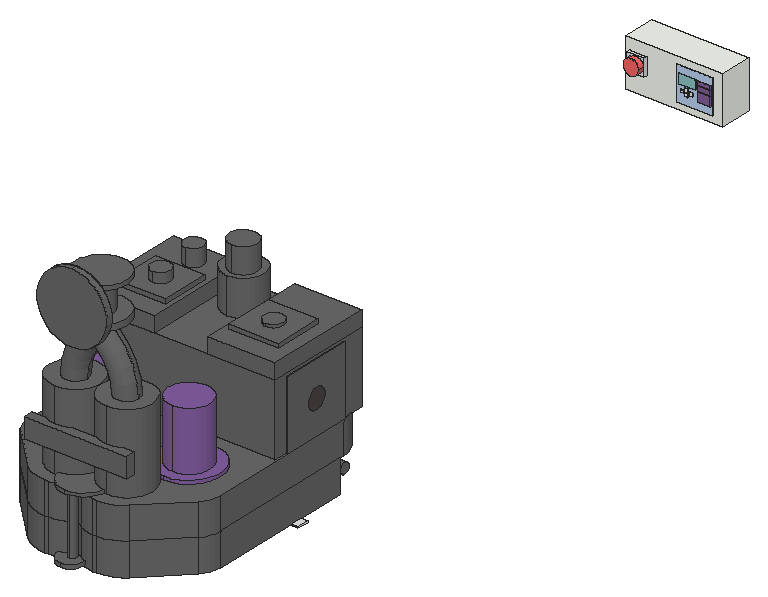
Revit family "11075", category Generic Models, Revit 2021
Family settings
  Can host rebar = No
  Round Connector Dimension = Use Diameter
  Part Type = Normal
  Work Plane-Based = No
  Always vertical = Yes
  Cut with Voids When Loaded = No
  Shared = Yes
  Room Calculation Point = No
Parameters (values of type "11075")
  SUPPLIER = "KESSEL"
  SA700ID49 = "Protection Class I"
  SA700ID48 = "no"
  SA700ID47 = "no"
  SA700ID46 = "yes"
  SA700ID37 = 28000 mm
  SA700ID34 = 60
  SA700ID33 = 5.7 W
  SA700ID32 = 211.06 kg
  SA700ID31 = 1
  SA700ID30 = 2
  SA700ID29 = "GLRD"
  SA700ID21 = 2800
  SA700ID10 = "yes"
  SA700ID08 = 400 V
  PROCUREWEBLINK = "https://p.caden.as/kessel/11075"
  PROCURELINK = "p.caden.as/kessel/11075"
  PROCUREDATALASTUPDATE = "2024-05-22T12:18:04.787702962+01:00"
  PREVIEW = "../../bilder/ksb_w_11075.png"
  PRC_SPECIFICATIONLINK = "https://ausschreiben.de/catalog/kessel/catalogItem/06a299b5-2139-41a8-9739-9925d3baf896"
  NN = "Lifting station Aqualift F XL"
  NBSYN = "$SA810ID03."
  NB = "11075"
  Model = "11075"
  Manufacturer = "KESSEL"
  MIdent = "{$CADENAS_DATA/23d-libs/kessel/kessel_vdi_import/4/entwaesserung/hebeanlage20aqualift20f20xl.prj},201 {STYP=ASS},{VTYP=3D},{NB=11075},{LINA=11075},{NN=Lifting station Aqualift F XL},{DATE=21.11.2022 10:48:11},{GEOMDATE=21.11.2022 10:48:11},{VERSION=},{LINEID=420},{WBVAR=LODLEVEL},{WBNUMERIC=LODLEVEL}  {NB=11075},{LINA=11075},{KT=DUMMY},{PREVIEW=../../bilder/ksb_w_11075.png},{SA700ID04=Hebeanlage Aqualift F XL 200 l, Duo, SPF 5500-S3, Gussschieber },{SA810ID06=04026092057421},{SA700ID34=60.00},{SA010ID03=201805},{SA810ID03=11075},{SA810ID10=Die Hebeanlage für fäkalienhaltiges und fäkalienfreies Abwasser ist mit einer überflutbaren Pumpe sowie einem Rückflussverhinderer ausgestattet. Der Sammelbehälter aus dauerhaft beständigem Kunststoff (PE) bietet universale Anschlussmöglichkeiten und hat eine verschraubte Reinigungsöffnung.Die Steuerung erfolgt durch ein anwenderfreundliches Schaltgerät, das optional über einen potentialfreien Kontakt in die Gebäudeleittechnik eingebunden werden oder Alarm- und Sammelstörmeldungen über eine GSM-Schnittstelle (Comfort Schaltgerät) ausgeben kann.Ausführung:Absperreinrichtung: Schieber aus GussAnlagenart: DoppelanlagePumpensteuerung: SchaltgerätRückflussverhinderer: integriertSchalldämmmatte: jaEinbausituation: freie AufstellungAbwasserart: fäkalienhaltigAllgemeine Merkmale:Farbe: schwarzNorm: EN 12050-1Abmessungen:Länge: 1.109 mmBreite: 760 mmHöhe: 1.027 mmBehälter/Grundkörper:Zulauf Anzahl: 1 STZulauf Nennweite (DN): 100 mmZulauf Nennweite (DA): 110 mmZulauf max. Anbohrung (DN): 200 mmAnschluss für Handmembranpumpe (DN): 32Behältervolumen: 200 lDruckabgang: senkrechtDruckabgang (DA): 90 mmDruckabgang (DN): 80 mmEntlüftungsanschluss (DN): 70 mmNutzvolumen: 120 lFördereinrichtung:Pumpe: SPF 5500Anzahl Pumpen: 2Förderhöhe max.: 28 mFörderleistung max.: 60 m3/hBetriebsart: S3 - 30 %Leistung P1: 5,7 kWLeistung P2: 4,8 kWDrehzahl: 2.800 U/minFörderguttemperatur (dauerhaft) max.: 40 °CAnschlusstyp: DirektanschlussGewicht: 38 kgLaufrad Typ: FreistromradLänge Netzanschlussleitung Pumpe: 5 mNennstrom: 9,1 ASchutzart Pumpe: IP 68 (3m/48h)Schutzklasse: ITyp Anschlussleitung Pumpe: H07RN8-F 6G 1 mm2Temperaturüberwachung: integriertSteuerung:Schaltgerät: ComfortBetriebsspannung: 400 VNetzfrequenz: 50 HzSelbstdiagnosesystem (SDS): jaBatteriepufferung: jaMehrzeilige Displayanzeige: jaLogbuchfunktion: jaGSM-Schnittstelle: jaPotentialfreier Kontakt: jaErforderliche Absicherung (Leitungsschutz): 3 x C 32 AMotorschutz Schalter: jaSchutzart Schaltgerät: IP 54Länge Netzanschlussleitung Schaltgerät: 0 mArt Niveauerfassung: pneumatischInstrument Niveauerfassung: TauchrohrAlarmgeber: Tauchrohr},{SA700ID37=28.00},{SA700ID33=5.70},{SA700ID08=400},{SA700ID30=2},{SA700ID32=211.06},{SA700ID49=Schutzklasse I},{SA700ID50=intern},{SA200ID03=6},{SA250ID03=vertikal},{SA260ID03=Trockenläuferpumpe},{SA350ID03=normalansaugend},{SA400ID03=E-Motor für Drehstrom},{SA460ID03=direkt},{SA500ID03=Kunststoff, Edelstahl},{SA700ID06=80},{SA700ID07=100},{SA700ID09=3/N/PE 400V},{SA700ID10=Ja},{SA700ID11=50},{SA700ID12=IP 68},{SA700ID13=F},{SA700ID15=40},{SA700ID21=2800.00},{SA700ID22=4.80},{SA700ID23=2800},{SA700ID24=2800},{SA700ID26=9.10},{SA700ID27=68.00},{SA700ID28=durchgehend},{SA700ID29=GLRD},{SA700ID31=1},{SA700ID46=ja},{SA700ID47=nein},{SA700ID48=nein},{SA110ID04=Hebeanlage Aqualift F XL},{SA300ID03=einstufig},{SA700ID44=10.00},{SA700ID45=10.00},{SA010ID04=KESSEL AG},{LODLEVEL=200},{LINK=https://www.kessel.de/info?han=11075},{SA970ID01=970},{SA970ID02=7135},{SA970ID03=11075},{SA970ID04=11002617},{SA970ID05=QUAD},{SA970ID06=-410.01},{SA970ID07=-899.99},{SA970ID08=0},{SA970ID09=1},{SA970ID10=0},{SA970ID11=0},{SA970ID12=0},{SA970ID13=1},{SA970ID14=0},{SA970ID15=820.02},{SA970ID16=1030},{SA970ID17=1033.74},{LODLEVEL_=200,'Low'},{LODLEVEL_DEU=200,'Low'},{LINK_=https://www.kessel.de/info?han=11075},{LINK_DEU=https://www.kessel.de/info?han=11075},{LODLEVEL_3DB=11075_200},{DNIN1=100},{DNIN2=70},{DNIN4=10},{DNIN5=10},{DNIN6=50},{DNIN7=50},{DNIN8=50},{DNIN9=50},{DNOUT1=32},{DNOUT2=100},{DNOUT3=70},{ISD1=96},{ISD2=10},{ISDOUT1=40},{ISDOUT2=60},{ISDOUT3=65},{SA010ID01=010},{SA010ID02=4},{SA010ID06=www.kessel.de},{SA010ID07=www.kessel.de},{SA010ID12=20180713},{SA010ID13=DEU},{SA010ID14=DE},{SA100ID01=100},{SA100ID02=4},{SA100ID04=Entwässerung},{SA110ID01=110},{SA110ID02=6},{SA200ID01=200},{SA200ID02=6},{SA250ID01=250},{SA250ID02=2},{SA260ID01=260},{SA260ID02=2},{SA300ID01=300},{SA300ID02=1},{SA350ID01=350},{SA350ID02=1},{SA400ID01=400},{SA400ID02=2},{SA460ID01=460},{SA460ID02=1},{SA500ID01=500},{SA500ID02=1},{SA700ID01=700},{SA700ID02=63},{SA700ID10_=1},{SA700ID16=0},{SA700ID25=0},{SA700ID46_=1},{SA700ID47_=0},{SA700ID48_=0},{SA700ID49_=1},{SA700ID50_=2},{SA800ID01=800},{SA800ID02=27},{SA810ID01=810},{SA810ID02=63},{SA810ID04=11075},{SA810ID07=63},{SA810ID09=1},{SA810ID14=PCE},{SA810ID15=1},{SA810ID16=NMP},{SA960ID03=63},{SA960ID04=3L},{SA960ID08=https://www.kessel.de/info?han=11075},{SA010ID08=4026092000007},{SA100ID05=Hebeanlage},{SA110ID06=Hebeanlage}"
  LINK = "https://www.kessel.de/info?han=11075"
  LINA = "11075"
  Default Elevation = 0 mm
  CREATOR = "CADENAS GmbH"
  CATALOG = "KESSEL"
  BOMINFO = "LINA"
  ARTICLENO = "NB"
  4.810.00.9 Order quantity (multiplicator) = "1"
  4.810.00.7 Media- connection number = "63"
  4.810.00.6 GTIN number = "04026092057421"
  4.810.00.4 DATANORM number = "11075"
  4.810.00.3 Producer order number = "11075"
  4.710.03.7 Mass (net) = 211.06 kg
  4.710.03.6 Height = 1027 mm
  4.710.03.5 Width = 760 mm
  4.710.03.4 Length = 1109 mm
  4.710.03.3 Type of dimensions = "2"
  4.710.02.8 Area of application of wastewater pump = "1"
  4.710.02.7 Art des S2/S3-Betriebs = "30 %"
  4.710.02.6 Duty type = "S3"
  4.710.02.5 Cutting device = "0"
  4.710.02.4 Attached pump control = "1"
  4.710.02.3 Free passage = 40 mm
  4.710.01.6 Option to connect to building automation = "40"
  4.710.01.5 Load regulation = "0"
  4.710.01.4 Designation of closed-loop control = "120"
  4.710.01.3 Identifier for closed-loop control = "200"
  4.700.00.9 Voltage = 0
  4.700.00.8 Nominal connection size on suction side = "100"
  4.700.00.7 Nominal connection size on pressure side = "100"
  4.700.00.6 Type of connection = "80"
  4.700.00.4 Product indentification = "Hebeanlage Aqualift F XL 200 l, Duo, SPF 5500-S3, Gussschieber "
  4.700.00.28 Motor pump shaft = "durchgehend"
  4.700.00.27 Starting current = 68
  4.700.00.26 Maximum power consumption per pump / drive = 9.1
  4.700.00.25 Minimum speed at internal speed adjustment = 0
  4.700.00.24 Nominal speed / maximum speed n = 46.6667
  4.700.00.23 Nominal speed of motor = 46.6667
  4.700.00.22 Maximum shaft output (P2) per pump/drive = 4.8 W
  4.700.00.16 Maximum temperature of pumped medium = 0 °C
  4.700.00.15 Increased safety class = "40 °C"
  4.700.00.13 Type of protection = "F"
  4.700.00.12 Frequency = 0
  4.700.00.11 Stern-/Dreieck-Anlaufschaltung bei Dreiphasenanschluss oder Drehstrom = "50 Hz"
  4.700.00.10 Phase = "1"
  4.500.00.3 Variant / Variant type / Accessories-name = "Kunststoff, Edelstahl"
  4.460.00.3 Variant / Variant type / Accessories-name = "direkt"
  4.400.00.3 Variant / Variant type / Accessories-name = "E-Motor für Drehstrom"
  4.350.00.3 Variant / Variant type / Accessories-name = "normalansaugend"
  4.300.00.3 Variant / Variant type / Accessories-name = "einstufig"
  4.260.00.3 Variant / Variant type / Accessories-name = "Trockenläuferpumpe"
  4.250.00.3 Variant / Variant type / Accessories-name = "vertikal"
  4.200.00.3 Variant / Variant type / Accessories-name = "6"
  4.110.00.6 Product classification = "Hebeanlage"
  4.110.00.4 Product indentification = "Hebeanlage Aqualift F XL"
  4.100.00.5 Main groups of wares = "Hebeanlage"
  4.100.00.4 Product indentification = "Entwässerung"
  4.010.00.8 Producer ID number = "4026092000007"
  4.010.00.7 Comment = "www.kessel.de"
  4.010.00.6 Web address of the manufacturer = "www.kessel.de"
  4.010.00.4 Manufacturer name = "KESSEL AG"
  4.010.00.3 Date of issuance (month) of guideline = "201805"
  4.010.00.2 Sheet number of the guideline = "4"
  4.010.00.14 Kennungen der Projektländer, für die die Datei gültig ist = "DE"
  4.010.00.13 Sprache der Datei = "DEU"
  4.010.00.12 Stand des Herstellerkatalogs = "20180713"
Reference planes
  plane 1 "Center (Front/Back)": y = 0
  plane 2: z = 0
  plane 3 "Center (Left/Right)": x = 0
Forms (mm)
  Extrusion 1, void
    sketch origin (380.5, -115, 392) x (0, -1, 0) y (0, 0, 1)
      loop
        line (-0.5, -0.5) -> (0.5, -0.5) -> (0.5, 0.5) -> (-0.5, 0.5) -> (-0.5, -0.5)
    from 0 to 1
  Extrusion 2, void
    sketch origin (160.15, 130.5, 392) x (1, 0, 0) y (0, 0, 1)
      loop
        line (-0.5, -0.5) -> (0.5, -0.5) -> (0.5, 0.5) -> (-0.5, 0.5) -> (-0.5, -0.5)
    from 0 to 1
  Extrusion 3, void
    sketch origin (-161, 130.5, 392) x (1, 0, 0) y (0, 0, 1)
      loop
        line (-0.5, -0.5) -> (0.5, -0.5) -> (0.5, 0.5) -> (-0.5, 0.5) -> (-0.5, -0.5)
    from 0 to 1
  Extrusion 4, void
    sketch origin (-380.5, -115, 392) x (0, 1, 0) y (0, 0, 1)
      loop
        line (-0.5, -0.5) -> (0.5, -0.5) -> (0.5, 0.5) -> (-0.5, 0.5) -> (-0.5, -0.5)
    from 0 to 1
Dimensions and locks
  locked: plane 2 to Extrusion 1 at 392.5
  locked: plane 2 to Extrusion 1 at 391.5
  locked: plane 2 to Extrusion 2 at 392.5
  locked: plane 2 to Extrusion 2 at 391.5
  locked: plane 2 to Extrusion 3 at 392.5
  locked: plane 2 to Extrusion 3 at 391.5
  locked: plane 2 to Extrusion 4 at 392.5
  locked: plane 2 to Extrusion 4 at 391.5
  aligned and locked: level to plane 2
Nested families
  nested 1: "11075_content" at (0, 0, 0), type "11075_Content"
  nested 2: "11075_part1_X0Y0" at (1000, 1000, 1200), type "11075_PART1_X0Y0"
  nested 3: "11075_part2_X0Y0" at (0, 0, 0), type "11075_PART2_X0Y0"
Connectors
  electrical at (861, 933, 1201.5)
    settings: on nested 2, index 1, voltage 0 V, apparent load 0 VA, apparent load phase1 0 VA, apparent load phase2 0 VA, apparent load phase3 0 VA, power factor 1, load classification "Other", number of poles 1, system type 31, power factor state 1, is connector primary yes, connector utility no, sub classification motor no, connector description ""
  piping at (0, 0, 771), diameter 100
    settings: on nested 3, index 2, connector inside diameter 609.6 mm, connector length 0 mm, flow factor 0, pipe flow 0.0 L/s, pressure drop 0.0 Pa, fitting loss kfactor 0, connector angle 0.00°, fixture units 0, engagement length 0 mm, angle of deflection 0.00°, flow configuration 0, flow direction 1, fitting loss method 2, system type 8, joint type 0, gender type 0, connector reference index -1, connector utility 0, adjustable connector no, is connector primary yes, connector description ""
  piping at (380.5, -115, 392), diameter 70
    settings: on Extrusion 1, index 3, connector inside diameter 609.6 mm, connector length 0 mm, flow factor 0, pipe flow 0.0 L/s, pressure drop 0.0 Pa, fitting loss kfactor 0, connector angle 0.00°, fixture units 0, engagement length 0 mm, angle of deflection 0.00°, flow configuration 0, flow direction 0, fitting loss method 2, system type 8, joint type 0, gender type 0, connector reference index -1, connector utility 0, adjustable connector no, is connector primary no, connector description ""
  piping at (160.15, 130.5, 392), diameter 70
    settings: on Extrusion 2, index 4, connector inside diameter 609.6 mm, connector length 0 mm, flow factor 0, pipe flow 0.0 L/s, pressure drop 0.0 Pa, fitting loss kfactor 0, connector angle 0.00°, fixture units 0, engagement length 0 mm, angle of deflection 0.00°, flow configuration 0, flow direction 0, fitting loss method 2, system type 8, joint type 0, gender type 0, connector reference index -1, connector utility 0, adjustable connector no, is connector primary no, connector description ""
  piping at (-161, 130.5, 392), diameter 70
    settings: on Extrusion 3, index 5, connector inside diameter 609.6 mm, connector length 0 mm, flow factor 0, pipe flow 0.0 L/s, pressure drop 0.0 Pa, fitting loss kfactor 0, connector angle 0.00°, fixture units 0, engagement length 0 mm, angle of deflection 0.00°, flow configuration 0, flow direction 0, fitting loss method 2, system type 8, joint type 0, gender type 0, connector reference index -1, connector utility 0, adjustable connector no, is connector primary no, connector description ""
  piping at (-380.5, -115, 392), diameter 70
    settings: on Extrusion 4, index 6, connector inside diameter 609.6 mm, connector length 0 mm, flow factor 0, pipe flow 0.0 L/s, pressure drop 0.0 Pa, fitting loss kfactor 0, connector angle 0.00°, fixture units 0, engagement length 0 mm, angle of deflection 0.00°, flow configuration 0, flow direction 0, fitting loss method 2, system type 8, joint type 0, gender type 0, connector reference index -1, connector utility 0, adjustable connector no, is connector primary no, connector description ""
  piping at (0, -700, 966), diameter 100
    settings: on nested 3, index 7, connector inside diameter 609.6 mm, connector length 0 mm, flow factor 0, pipe flow 0.0 L/s, pressure drop 0.0 Pa, fitting loss kfactor 0, connector angle 0.00°, fixture units 0, engagement length 0 mm, angle of deflection 0.00°, flow configuration 0, flow direction 2, fitting loss method 2, system type 7, joint type 0, gender type 0, connector reference index -1, connector utility 0, adjustable connector no, is connector primary no, connector description ""
  piping at (-225, 36, 661), diameter 70
    settings: on nested 3, index 8, connector inside diameter 609.6 mm, connector length 0 mm, flow factor 0, pipe flow 0.0 L/s, pressure drop 0.0 Pa, fitting loss kfactor 0, connector angle 0.00°, fixture units 0, engagement length 0 mm, angle of deflection 0.00°, flow configuration 0, flow direction 2, fitting loss method 2, system type 7, joint type 0, gender type 0, connector reference index -1, connector utility 0, adjustable connector no, is connector primary no, connector description ""
  piping at (354.5, 56, 60), diameter 32
    settings: on nested 3, index 9, connector inside diameter 609.6 mm, connector length 0 mm, flow factor 0, pipe flow 0.0 L/s, pressure drop 0.0 Pa, fitting loss kfactor 0, connector angle 0.00°, fixture units 0, engagement length 0 mm, angle of deflection 0.00°, flow configuration 0, flow direction 2, fitting loss method 2, system type 7, joint type 0, gender type 0, connector reference index -1, connector utility 0, adjustable connector no, is connector primary no, connector description ""
  electrical at (183.5, -496.25, 499.4)
    settings: on nested 3, index 10, voltage 0 V, apparent load 0 VA, apparent load phase1 0 VA, apparent load phase2 0 VA, apparent load phase3 0 VA, power factor 1, load classification "Other", number of poles 1, system type 31, power factor state 1, is connector primary no, connector utility no, sub classification motor no, connector description ""
  electrical at (-183.5, -496.25, 499.4)
    settings: on nested 3, index 11, voltage 0 V, apparent load 0 VA, apparent load phase1 0 VA, apparent load phase2 0 VA, apparent load phase3 0 VA, power factor 1, load classification "Other", number of poles 1, system type 31, power factor state 1, is connector primary no, connector utility no, sub classification motor no, connector description ""
  electrical at (-222.5, -129, 650)
    settings: on nested 3, index 12, voltage 0 V, apparent load 0 VA, apparent load phase1 0 VA, apparent load phase2 0 VA, apparent load phase3 0 VA, power factor 1, load classification "Other", number of poles 1, system type 31, power factor state 1, is connector primary no, connector utility no, sub classification motor no, connector description ""
Definition of nested family "11075_part1_X0Y0"
  Parameters (values of type "11075_PART1_X0Y0")
    SUPPLIER = "KESSEL"
    SA700ID49 = "Protection Class I"
    SA700ID48 = "no"
    SA700ID47 = "no"
    SA700ID46 = "yes"
    SA700ID37 = 28000 mm
    SA700ID34 = 60
    SA700ID33 = 5.7 W
    SA700ID32 = 211.06 kg
    SA700ID31 = 1
    SA700ID30 = 2
    SA700ID29 = "GLRD"
    SA700ID21 = 2800
    SA700ID10 = "yes"
    SA700ID08 = 400 V
    PREVIEW = "../../bilder/ksb_w_11075.png"
    NBSYN = "$SA810ID03._PART1"
    NB = "11075_PART1"
    Model = "11075_PART1"
    Manufacturer = "KESSEL"
    MIdent = "{$CADENAS_DATA/23d-libs/kessel/kessel_vdi_import/4/entwaesserung/hebeanlage20aqualift20f20xl.prj},221 {VTYP=3D},{NB=11075_PART1},{LINA=11075_PART1},{NN=Lifting station Aqualift F XL_PART1},{NOPRJ=TRUE},{DATE=21.11.2022 10:48:11},{GEOMDATE=21.11.2022 10:48:11},{VERSION=},{LINEID=420},{WBVAR=LODLEVEL},{WBNUMERIC=LODLEVEL}  {NB=11075_PART1},{LINA=11075_PART1},{KT=DUMMY},{PREVIEW=../../bilder/ksb_w_11075.png},{SA700ID04=Hebeanlage Aqualift F XL 200 l, Duo, SPF 5500-S3, Gussschieber },{SA810ID06=04026092057421},{SA700ID34=60.00},{SA010ID03=201805},{SA810ID03=11075},{SA810ID10=Die Hebeanlage für fäkalienhaltiges und fäkalienfreies Abwasser ist mit einer überflutbaren Pumpe sowie einem Rückflussverhinderer ausgestattet. Der Sammelbehälter aus dauerhaft beständigem Kunststoff (PE) bietet universale Anschlussmöglichkeiten und hat eine verschraubte Reinigungsöffnung.Die Steuerung erfolgt durch ein anwenderfreundliches Schaltgerät, das optional über einen potentialfreien Kontakt in die Gebäudeleittechnik eingebunden werden oder Alarm- und Sammelstörmeldungen über eine GSM-Schnittstelle (Comfort Schaltgerät) ausgeben kann.Ausführung:Absperreinrichtung: Schieber aus GussAnlagenart: DoppelanlagePumpensteuerung: SchaltgerätRückflussverhinderer: integriertSchalldämmmatte: jaEinbausituation: freie AufstellungAbwasserart: fäkalienhaltigAllgemeine Merkmale:Farbe: schwarzNorm: EN 12050-1Abmessungen:Länge: 1.109 mmBreite: 760 mmHöhe: 1.027 mmBehälter/Grundkörper:Zulauf Anzahl: 1 STZulauf Nennweite (DN): 100 mmZulauf Nennweite (DA): 110 mmZulauf max. Anbohrung (DN): 200 mmAnschluss für Handmembranpumpe (DN): 32Behältervolumen: 200 lDruckabgang: senkrechtDruckabgang (DA): 90 mmDruckabgang (DN): 80 mmEntlüftungsanschluss (DN): 70 mmNutzvolumen: 120 lFördereinrichtung:Pumpe: SPF 5500Anzahl Pumpen: 2Förderhöhe max.: 28 mFörderleistung max.: 60 m3/hBetriebsart: S3 - 30 %Leistung P1: 5,7 kWLeistung P2: 4,8 kWDrehzahl: 2.800 U/minFörderguttemperatur (dauerhaft) max.: 40 °CAnschlusstyp: DirektanschlussGewicht: 38 kgLaufrad Typ: FreistromradLänge Netzanschlussleitung Pumpe: 5 mNennstrom: 9,1 ASchutzart Pumpe: IP 68 (3m/48h)Schutzklasse: ITyp Anschlussleitung Pumpe: H07RN8-F 6G 1 mm2Temperaturüberwachung: integriertSteuerung:Schaltgerät: ComfortBetriebsspannung: 400 VNetzfrequenz: 50 HzSelbstdiagnosesystem (SDS): jaBatteriepufferung: jaMehrzeilige Displayanzeige: jaLogbuchfunktion: jaGSM-Schnittstelle: jaPotentialfreier Kontakt: jaErforderliche Absicherung (Leitungsschutz): 3 x C 32 AMotorschutz Schalter: jaSchutzart Schaltgerät: IP 54Länge Netzanschlussleitung Schaltgerät: 0 mArt Niveauerfassung: pneumatischInstrument Niveauerfassung: TauchrohrAlarmgeber: Tauchrohr},{SA700ID37=28.00},{SA700ID33=5.70},{SA700ID08=400},{SA700ID30=2},{SA700ID32=211.06},{SA700ID49=Schutzklasse I},{SA700ID50=intern},{SA200ID03=6},{SA250ID03=vertikal},{SA260ID03=Trockenläuferpumpe},{SA350ID03=normalansaugend},{SA400ID03=E-Motor für Drehstrom},{SA460ID03=direkt},{SA500ID03=Kunststoff, Edelstahl},{SA700ID06=80},{SA700ID07=100},{SA700ID09=3/N/PE 400V},{SA700ID10=Ja},{SA700ID11=50},{SA700ID12=IP 68},{SA700ID13=F},{SA700ID15=40},{SA700ID21=2800.00},{SA700ID22=4.80},{SA700ID23=2800},{SA700ID24=2800},{SA700ID26=9.10},{SA700ID27=68.00},{SA700ID28=durchgehend},{SA700ID29=GLRD},{SA700ID31=1},{SA700ID46=ja},{SA700ID47=nein},{SA700ID48=nein},{SA110ID04=Hebeanlage Aqualift F XL},{SA300ID03=einstufig},{SA700ID44=10.00},{SA700ID45=10.00},{SA010ID04=KESSEL AG},{LODLEVEL=200},{LINK=https://www.kessel.de/info?han=11075},{SA970ID01=970},{SA970ID02=7135},{SA970ID03=11075},{SA970ID04=11002617},{SA970ID05=QUAD},{SA970ID06=-410.01},{SA970ID07=-899.99},{SA970ID08=0},{SA970ID09=1},{SA970ID10=0},{SA970ID11=0},{SA970ID12=0},{SA970ID13=1},{SA970ID14=0},{SA970ID15=820.02},{SA970ID16=1030},{SA970ID17=1033.74},{LODLEVEL_=200,'Low'},{LODLEVEL_DEU=200,'Low'},{LINK_=https://www.kessel.de/info?han=11075},{LINK_DEU=https://www.kessel.de/info?han=11075},{LODLEVEL_3DB=11075_200},{DNIN1=100},{DNIN2=70},{DNIN4=10},{DNIN5=10},{DNIN6=50},{DNIN7=50},{DNIN8=50},{DNIN9=50},{DNOUT1=32},{DNOUT2=100},{DNOUT3=70},{ISD1=96},{ISD2=10},{ISDOUT1=40},{ISDOUT2=60},{ISDOUT3=65},{SA010ID01=010},{SA010ID02=4},{SA010ID06=www.kessel.de},{SA010ID07=www.kessel.de},{SA010ID12=20180713},{SA010ID13=DEU},{SA010ID14=DE},{SA100ID01=100},{SA100ID02=4},{SA100ID04=Entwässerung},{SA110ID01=110},{SA110ID02=6},{SA200ID01=200},{SA200ID02=6},{SA250ID01=250},{SA250ID02=2},{SA260ID01=260},{SA260ID02=2},{SA300ID01=300},{SA300ID02=1},{SA350ID01=350},{SA350ID02=1},{SA400ID01=400},{SA400ID02=2},{SA460ID01=460},{SA460ID02=1},{SA500ID01=500},{SA500ID02=1},{SA700ID01=700},{SA700ID02=63},{SA700ID10_=1},{SA700ID16=0},{SA700ID25=0},{SA700ID46_=1},{SA700ID47_=0},{SA700ID48_=0},{SA700ID49_=1},{SA700ID50_=2},{SA800ID01=800},{SA800ID02=27},{SA810ID01=810},{SA810ID02=63},{SA810ID04=11075},{SA810ID07=63},{SA810ID09=1},{SA810ID14=PCE},{SA810ID15=1},{SA810ID16=NMP},{SA960ID03=63},{SA960ID04=3L},{SA960ID08=https://www.kessel.de/info?han=11075},{SA010ID08=4026092000007},{SA100ID05=Hebeanlage},{SA110ID06=Hebeanlage}"
    LINK = "https://www.kessel.de/info?han=11075"
    LINA = "11075_PART1"
    Default Elevation = 1219.2 mm
    CREATOR = "CADENAS GmbH"
    CATALOG = "KESSEL"
    BOMINFO = "LINA"
    ARTICLENO = "NB"
    4.810.00.9 Order quantity (multiplicator) = "1"
    4.810.00.7 Media- connection number = "63"
    4.810.00.6 GTIN number = "04026092057421"
    4.810.00.4 DATANORM number = "11075"
    4.810.00.3 Producer order number = "11075"
    4.710.03.7 Mass (net) = 211.06 kg
    4.710.03.6 Height = 1027 mm
    4.710.03.5 Width = 760 mm
    4.710.03.4 Length = 1109 mm
    4.710.03.3 Type of dimensions = "2"
    4.710.02.8 Area of application of wastewater pump = "1"
    4.710.02.7 Art des S2/S3-Betriebs = "30 %"
    4.710.02.6 Duty type = "S3"
    4.710.02.5 Cutting device = "0"
    4.710.02.4 Attached pump control = "1"
    4.710.02.3 Free passage = 40 mm
    4.710.01.6 Option to connect to building automation = "40"
    4.710.01.5 Load regulation = "0"
    4.710.01.4 Designation of closed-loop control = "120"
    4.710.01.3 Identifier for closed-loop control = "200"
    4.700.00.9 Voltage = 0
    4.700.00.8 Nominal connection size on suction side = "100"
    4.700.00.7 Nominal connection size on pressure side = "100"
    4.700.00.6 Type of connection = "80"
    4.700.00.4 Product indentification = "Hebeanlage Aqualift F XL 200 l, Duo, SPF 5500-S3, Gussschieber "
    4.700.00.28 Motor pump shaft = "durchgehend"
    4.700.00.27 Starting current = 68
    4.700.00.26 Maximum power consumption per pump / drive = 9.1
    4.700.00.25 Minimum speed at internal speed adjustment = 0
    4.700.00.24 Nominal speed / maximum speed n = 46.6667
    4.700.00.23 Nominal speed of motor = 46.6667
    4.700.00.22 Maximum shaft output (P2) per pump/drive = 4.8 W
    4.700.00.16 Maximum temperature of pumped medium = 0 °C
    4.700.00.15 Increased safety class = "40 °C"
    4.700.00.13 Type of protection = "F"
    4.700.00.12 Frequency = 0
    4.700.00.11 Stern-/Dreieck-Anlaufschaltung bei Dreiphasenanschluss oder Drehstrom = "50 Hz"
    4.700.00.10 Phase = "1"
    4.500.00.3 Variant / Variant type / Accessories-name = "Kunststoff, Edelstahl"
    4.460.00.3 Variant / Variant type / Accessories-name = "direkt"
    4.400.00.3 Variant / Variant type / Accessories-name = "E-Motor für Drehstrom"
    4.350.00.3 Variant / Variant type / Accessories-name = "normalansaugend"
    4.300.00.3 Variant / Variant type / Accessories-name = "einstufig"
    4.260.00.3 Variant / Variant type / Accessories-name = "Trockenläuferpumpe"
    4.250.00.3 Variant / Variant type / Accessories-name = "vertikal"
    4.200.00.3 Variant / Variant type / Accessories-name = "6"
    4.110.00.6 Product classification = "Hebeanlage"
    4.110.00.4 Product indentification = "Hebeanlage Aqualift F XL"
    4.100.00.5 Main groups of wares = "Hebeanlage"
    4.100.00.4 Product indentification = "Entwässerung"
    4.010.00.8 Producer ID number = "4026092000007"
    4.010.00.7 Comment = "www.kessel.de"
    4.010.00.6 Web address of the manufacturer = "www.kessel.de"
    4.010.00.4 Manufacturer name = "KESSEL AG"
    4.010.00.3 Date of issuance (month) of guideline = "201805"
    4.010.00.2 Sheet number of the guideline = "4"
    4.010.00.14 Kennungen der Projektländer, für die die Datei gültig ist = "DE"
    4.010.00.13 Sprache der Datei = "DEU"
    4.010.00.12 Stand des Herstellerkatalogs = "20180713"
  Reference planes
    plane 1 "Center (Front/Back)": y = 0
    plane 2: z = 0
    plane 3 "Center (Left/Right)": x = 0
  Dimensions and locks
    aligned and locked: level to plane 2
  Nested families
    nested 1: "11075_part1_content" at (0, 0, 0), type "11075_PART1_Content"
  Definition of nested family "11075_part1_content"
    Parameters (values of type "11075_PART1_Content")
      SUPPLIER = "KESSEL"
      SA700ID49 = "Protection Class I"
      SA700ID48 = "no"
      SA700ID47 = "no"
      SA700ID46 = "yes"
      SA700ID37 = 28000 mm
      SA700ID34 = 60
      SA700ID33 = 5.7 W
      SA700ID32 = 211.06 kg
      SA700ID31 = 1
      SA700ID30 = 2
      SA700ID29 = "GLRD"
      SA700ID21 = 2800
      SA700ID10 = "yes"
      SA700ID08 = 400 V
      PREVIEW = "../../bilder/ksb_w_11075.png"
      NBSYN = "$SA810ID03._PART1"
      NB = "11075_PART1"
      Model = "11075_PART1"
      Manufacturer = "KESSEL"
      LINK = "https://www.kessel.de/info?han=11075"
      LINA = "11075_PART1"
      Default Elevation = 1219.2 mm
      CREATOR = "CADENAS GmbH"
      CATALOG = "KESSEL"
      BOMINFO = "LINA"
      ARTICLENO = "NB"
      4.810.00.9 Order quantity (multiplicator) = "1"
      4.810.00.7 Media- connection number = "63"
      4.810.00.6 GTIN number = "04026092057421"
      4.810.00.4 DATANORM number = "11075"
      4.810.00.3 Producer order number = "11075"
      4.710.03.7 Mass (net) = 211.06 kg
      4.710.03.6 Height = 1027 mm
      4.710.03.5 Width = 760 mm
      4.710.03.4 Length = 1109 mm
      4.710.03.3 Type of dimensions = "2"
      4.710.02.8 Area of application of wastewater pump = "1"
      4.710.02.7 Art des S2/S3-Betriebs = "30 %"
      4.710.02.6 Duty type = "S3"
      4.710.02.5 Cutting device = "0"
      4.710.02.4 Attached pump control = "1"
      4.710.02.3 Free passage = 40 mm
      4.710.01.6 Option to connect to building automation = "40"
      4.710.01.5 Load regulation = "0"
      4.710.01.4 Designation of closed-loop control = "120"
      4.710.01.3 Identifier for closed-loop control = "200"
      4.700.00.9 Voltage = 0
      4.700.00.8 Nominal connection size on suction side = "100"
      4.700.00.7 Nominal connection size on pressure side = "100"
      4.700.00.6 Type of connection = "80"
      4.700.00.4 Product indentification = "Hebeanlage Aqualift F XL 200 l, Duo, SPF 5500-S3, Gussschieber "
      4.700.00.28 Motor pump shaft = "durchgehend"
      4.700.00.27 Starting current = 68
      4.700.00.26 Maximum power consumption per pump / drive = 9.1
      4.700.00.25 Minimum speed at internal speed adjustment = 0
      4.700.00.24 Nominal speed / maximum speed n = 46.6667
      4.700.00.23 Nominal speed of motor = 46.6667
      4.700.00.22 Maximum shaft output (P2) per pump/drive = 4.8 W
      4.700.00.16 Maximum temperature of pumped medium = 0 °C
      4.700.00.15 Increased safety class = "40 °C"
      4.700.00.13 Type of protection = "F"
      4.700.00.12 Frequency = 0
      4.700.00.11 Stern-/Dreieck-Anlaufschaltung bei Dreiphasenanschluss oder Drehstrom = "50 Hz"
      4.700.00.10 Phase = "1"
      4.500.00.3 Variant / Variant type / Accessories-name = "Kunststoff, Edelstahl"
      4.460.00.3 Variant / Variant type / Accessories-name = "direkt"
      4.400.00.3 Variant / Variant type / Accessories-name = "E-Motor für Drehstrom"
      4.350.00.3 Variant / Variant type / Accessories-name = "normalansaugend"
      4.300.00.3 Variant / Variant type / Accessories-name = "einstufig"
      4.260.00.3 Variant / Variant type / Accessories-name = "Trockenläuferpumpe"
      4.250.00.3 Variant / Variant type / Accessories-name = "vertikal"
      4.200.00.3 Variant / Variant type / Accessories-name = "6"
      4.110.00.6 Product classification = "Hebeanlage"
      4.110.00.4 Product indentification = "Hebeanlage Aqualift F XL"
      4.100.00.5 Main groups of wares = "Hebeanlage"
      4.100.00.4 Product indentification = "Entwässerung"
      4.010.00.8 Producer ID number = "4026092000007"
      4.010.00.7 Comment = "www.kessel.de"
      4.010.00.6 Web address of the manufacturer = "www.kessel.de"
      4.010.00.4 Manufacturer name = "KESSEL AG"
      4.010.00.3 Date of issuance (month) of guideline = "201805"
      4.010.00.2 Sheet number of the guideline = "4"
      4.010.00.14 Kennungen der Projektländer, für die die Datei gültig ist = "DE"
      4.010.00.13 Sprache der Datei = "DEU"
      4.010.00.12 Stand des Herstellerkatalogs = "20180713"
    Reference planes
      plane 1 "Center (Front/Back)": y = 0
      plane 2: z = 0
      plane 3 "Center (Left/Right)": x = 0
    Forms (mm)
      Extrusion 1, solid, detail levels medium+fine
        sketch origin (189.25, -1.75, 0.2) x (0, -1, 0) y (0, 0, 1)
          loop
            line (0, 187.8) -> (0, 0) -> (127.75, 0) -> (127.75, 187.8) -> (0, 187.8)
        from 0 to 378.5
      Extrusion 2, solid, detail levels medium+fine
        sketch origin (-4, -67, 0) x (0, 1, 0) y (-1, 0, 0)
          loop
            circle (0, 0) r 12.5
        from 0 to 1.5
      Extrusion 3, solid, detail levels medium+fine
        sketch origin (150.8, -129.5, 26.5) x (0, -1, 0) y (0, 0, 1)
          loop
            line (-1.2, 134.8) -> (-1.2, 0) -> (0.25, 0) -> (0.25, 134.8) -> (-1.2, 134.8)
        from 0 to 139.9
      Extrusion 4, solid, detail levels medium+fine
        sketch origin (72.55, -129.75, 66) x (0, -1, 0) y (0, 0, 1)
          loop
            line (-1, 12) -> (-1, 0) -> (0.5, 0) -> (0.5, 12) -> (-1, 12)
        from 0 to 12
      Extrusion 5, solid, detail levels medium+fine
        sketch origin (84.45, -129.75, 93.4) x (0, -1, 0) y (0, 0, 1)
          loop
            line (-1, 37) -> (-1, 0) -> (0.5, 0) -> (0.5, 37) -> (-1, 37)
        from 0 to 66
      Extrusion 6, solid, detail levels medium+fine
        sketch origin (55.3, -129.75, 74) x (0, -1, 0) y (0, 0, 1)
          loop
            line (-1, 12) -> (-1, 0) -> (0.5, 0) -> (0.5, 12) -> (-1, 12)
        from 0 to 12
      Extrusion 7, solid, detail levels medium+fine
        sketch origin (143.3, -129.75, 94.4) x (0, -1, 0) y (0, 0, 1)
          loop
            line (0, 16) -> (0, 0) -> (1.75, 0) -> (1.75, 16) -> (0, 16)
        from 0 to 51
      Extrusion 8, solid, detail levels medium+fine
        sketch origin (143.3, -129.75, 54.4) x (0, -1, 0) y (0, 0, 1)
          loop
            line (0, 36) -> (0, 0) -> (1.75, 0) -> (1.75, 36) -> (0, 36)
        from 0 to 51
      Extrusion 9, solid, detail levels medium+fine
        sketch origin (55.3, -129.75, 57.5) x (0, -1, 0) y (0, 0, 1)
          loop
            line (-1, 12) -> (-1, 0) -> (0.5, 0) -> (0.5, 12) -> (-1, 12)
        from 0 to 12
      Extrusion 10, solid, detail levels medium+fine
        sketch origin (143.3, -129.75, 114.4) x (0, -1, 0) y (0, 0, 1)
          loop
            line (0, 16) -> (0, 0) -> (1.75, 0) -> (1.75, 16) -> (0, 16)
        from 0 to 51
      Extrusion 11, solid, detail levels medium+fine
        sketch origin (38.05, -129.75, 66) x (0, -1, 0) y (0, 0, 1)
          loop
            line (-1, 12) -> (-1, 0) -> (0.5, 0) -> (0.5, 12) -> (-1, 12)
        from 0 to 12
      Extrusion 12, solid, detail levels medium+fine
        sketch origin (47, -72, 0) x (0, 1, 0) y (-1, 0, 0)
          loop
            circle (0, 0) r 8
        from 0 to 1.5
      Extrusion 13, solid, detail levels medium+fine
        sketch origin (47, -42, 0) x (0, 1, 0) y (-1, 0, 0)
          loop
            circle (0, 0) r 5.25
        from 0 to 1.5
      Extrusion 14, solid, detail levels medium+fine
        sketch origin (77, -72, 0) x (0, 1, 0) y (-1, 0, 0)
          loop
            circle (0, 0) r 8
        from 0 to 1.5
      Extrusion 15, solid, detail levels medium+fine
        sketch origin (-94, -67, 0) x (0, 1, 0) y (-1, 0, 0)
          loop
            circle (0, 0) r 12.5
        from 0 to 1.5
      Extrusion 16, solid, detail levels medium+fine
        sketch origin (92, -42, 0) x (0, 1, 0) y (-1, 0, 0)
          loop
            circle (0, 0) r 8
        from 0 to 1.5
      Extrusion 17, solid, detail levels medium+fine
        sketch origin (107, -72, 0) x (0, 1, 0) y (-1, 0, 0)
          loop
            circle (0, 0) r 8
        from 0 to 1.5
      Extrusion 18, solid, detail levels medium+fine
        sketch origin (122, -42, 0) x (0, 1, 0) y (-1, 0, 0)
          loop
            circle (0, 0) r 8
        from 0 to 1.5
      Extrusion 19, solid, detail levels medium+fine
        sketch origin (-107.7, -129.5, 76.9) x (0, -1, 0) y (0, 0, 1)
          loop
            line (0, 67) -> (0, 0) -> (14, 0) -> (14, 67) -> (0, 67)
        from 0 to 67
      Extrusion 20, solid, detail levels medium+fine
        sketch origin (-141.2, -143.5, 110.4) x (1, 0, 0) y (0, 0, 1)
          loop
            circle (0, 0) r 30
        from 0 to 22
      Extrusion 21, solid, detail levels medium+fine
        sketch origin (127, -15, 0) x (0, 1, 0) y (-1, 0, 0)
          loop
            circle (0, 0) r 6
        from 0 to 1.5
      Extrusion 22, solid, detail levels medium+fine
        sketch origin (137, -72, 0) x (0, 1, 0) y (-1, 0, 0)
          loop
            circle (0, 0) r 8
        from 0 to 1.5
      Extrusion 23, solid, detail levels medium+fine
        sketch origin (-139, -67, 0) x (0, 1, 0) y (-1, 0, 0)
          loop
            circle (0, 0) r 12.5
        from 0 to 1.5
      Extrusion 24, solid, detail levels medium+fine
        sketch origin (152, -42, 0) x (0, 1, 0) y (-1, 0, 0)
          loop
            circle (0, 0) r 8
        from 0 to 1.5
      Extrusion 25, solid, detail levels coarse
        sketch origin (0, -83.625, 0) x (1, 0, 0) y (0, 1, 0)
          loop
            line (-189.25, -81.875) -> (189.25, -81.875) -> (189.25, 81.875) -> (-189.25, 81.875) -> (-189.25, -81.875)
        from 0 to 188
    Dimensions and locks
      aligned and locked: level to plane 2
Definition of nested family "11075_part2_X0Y0"
  Parameters (values of type "11075_PART2_X0Y0")
    SUPPLIER = "KESSEL"
    SA700ID49 = "Protection Class I"
    SA700ID48 = "no"
    SA700ID47 = "no"
    SA700ID46 = "yes"
    SA700ID37 = 28000 mm
    SA700ID34 = 60
    SA700ID33 = 5.7 W
    SA700ID32 = 211.06 kg
    SA700ID31 = 1
    SA700ID30 = 2
    SA700ID29 = "GLRD"
    SA700ID21 = 2800
    SA700ID10 = "yes"
    SA700ID08 = 400 V
    PREVIEW = "../../bilder/ksb_w_11075.png"
    NBSYN = "$SA810ID03._PART2"
    NB = "11075_PART2"
    Model = "11075_PART2"
    Manufacturer = "KESSEL"
    MIdent = "{$CADENAS_DATA/23d-libs/kessel/kessel_vdi_import/4/entwaesserung/hebeanlage20aqualift20f20xl.prj},221 {VTYP=3D},{NB=11075_PART2},{LINA=11075_PART2},{NN=Lifting station Aqualift F XL_PART2},{NOPRJ=TRUE},{DATE=21.11.2022 10:48:11},{GEOMDATE=21.11.2022 10:48:11},{VERSION=},{LINEID=420},{WBVAR=LODLEVEL},{WBNUMERIC=LODLEVEL}  {NB=11075_PART2},{LINA=11075_PART2},{KT=DUMMY},{PREVIEW=../../bilder/ksb_w_11075.png},{SA700ID04=Hebeanlage Aqualift F XL 200 l, Duo, SPF 5500-S3, Gussschieber },{SA810ID06=04026092057421},{SA700ID34=60.00},{SA010ID03=201805},{SA810ID03=11075},{SA810ID10=Die Hebeanlage für fäkalienhaltiges und fäkalienfreies Abwasser ist mit einer überflutbaren Pumpe sowie einem Rückflussverhinderer ausgestattet. Der Sammelbehälter aus dauerhaft beständigem Kunststoff (PE) bietet universale Anschlussmöglichkeiten und hat eine verschraubte Reinigungsöffnung.Die Steuerung erfolgt durch ein anwenderfreundliches Schaltgerät, das optional über einen potentialfreien Kontakt in die Gebäudeleittechnik eingebunden werden oder Alarm- und Sammelstörmeldungen über eine GSM-Schnittstelle (Comfort Schaltgerät) ausgeben kann.Ausführung:Absperreinrichtung: Schieber aus GussAnlagenart: DoppelanlagePumpensteuerung: SchaltgerätRückflussverhinderer: integriertSchalldämmmatte: jaEinbausituation: freie AufstellungAbwasserart: fäkalienhaltigAllgemeine Merkmale:Farbe: schwarzNorm: EN 12050-1Abmessungen:Länge: 1.109 mmBreite: 760 mmHöhe: 1.027 mmBehälter/Grundkörper:Zulauf Anzahl: 1 STZulauf Nennweite (DN): 100 mmZulauf Nennweite (DA): 110 mmZulauf max. Anbohrung (DN): 200 mmAnschluss für Handmembranpumpe (DN): 32Behältervolumen: 200 lDruckabgang: senkrechtDruckabgang (DA): 90 mmDruckabgang (DN): 80 mmEntlüftungsanschluss (DN): 70 mmNutzvolumen: 120 lFördereinrichtung:Pumpe: SPF 5500Anzahl Pumpen: 2Förderhöhe max.: 28 mFörderleistung max.: 60 m3/hBetriebsart: S3 - 30 %Leistung P1: 5,7 kWLeistung P2: 4,8 kWDrehzahl: 2.800 U/minFörderguttemperatur (dauerhaft) max.: 40 °CAnschlusstyp: DirektanschlussGewicht: 38 kgLaufrad Typ: FreistromradLänge Netzanschlussleitung Pumpe: 5 mNennstrom: 9,1 ASchutzart Pumpe: IP 68 (3m/48h)Schutzklasse: ITyp Anschlussleitung Pumpe: H07RN8-F 6G 1 mm2Temperaturüberwachung: integriertSteuerung:Schaltgerät: ComfortBetriebsspannung: 400 VNetzfrequenz: 50 HzSelbstdiagnosesystem (SDS): jaBatteriepufferung: jaMehrzeilige Displayanzeige: jaLogbuchfunktion: jaGSM-Schnittstelle: jaPotentialfreier Kontakt: jaErforderliche Absicherung (Leitungsschutz): 3 x C 32 AMotorschutz Schalter: jaSchutzart Schaltgerät: IP 54Länge Netzanschlussleitung Schaltgerät: 0 mArt Niveauerfassung: pneumatischInstrument Niveauerfassung: TauchrohrAlarmgeber: Tauchrohr},{SA700ID37=28.00},{SA700ID33=5.70},{SA700ID08=400},{SA700ID30=2},{SA700ID32=211.06},{SA700ID49=Schutzklasse I},{SA700ID50=intern},{SA200ID03=6},{SA250ID03=vertikal},{SA260ID03=Trockenläuferpumpe},{SA350ID03=normalansaugend},{SA400ID03=E-Motor für Drehstrom},{SA460ID03=direkt},{SA500ID03=Kunststoff, Edelstahl},{SA700ID06=80},{SA700ID07=100},{SA700ID09=3/N/PE 400V},{SA700ID10=Ja},{SA700ID11=50},{SA700ID12=IP 68},{SA700ID13=F},{SA700ID15=40},{SA700ID21=2800.00},{SA700ID22=4.80},{SA700ID23=2800},{SA700ID24=2800},{SA700ID26=9.10},{SA700ID27=68.00},{SA700ID28=durchgehend},{SA700ID29=GLRD},{SA700ID31=1},{SA700ID46=ja},{SA700ID47=nein},{SA700ID48=nein},{SA110ID04=Hebeanlage Aqualift F XL},{SA300ID03=einstufig},{SA700ID44=10.00},{SA700ID45=10.00},{SA010ID04=KESSEL AG},{LODLEVEL=200},{LINK=https://www.kessel.de/info?han=11075},{SA970ID01=970},{SA970ID02=7135},{SA970ID03=11075},{SA970ID04=11002617},{SA970ID05=QUAD},{SA970ID06=-410.01},{SA970ID07=-899.99},{SA970ID08=0},{SA970ID09=1},{SA970ID10=0},{SA970ID11=0},{SA970ID12=0},{SA970ID13=1},{SA970ID14=0},{SA970ID15=820.02},{SA970ID16=1030},{SA970ID17=1033.74},{LODLEVEL_=200,'Low'},{LODLEVEL_DEU=200,'Low'},{LINK_=https://www.kessel.de/info?han=11075},{LINK_DEU=https://www.kessel.de/info?han=11075},{LODLEVEL_3DB=11075_200},{DNIN1=100},{DNIN2=70},{DNIN4=10},{DNIN5=10},{DNIN6=50},{DNIN7=50},{DNIN8=50},{DNIN9=50},{DNOUT1=32},{DNOUT2=100},{DNOUT3=70},{ISD1=96},{ISD2=10},{ISDOUT1=40},{ISDOUT2=60},{ISDOUT3=65},{SA010ID01=010},{SA010ID02=4},{SA010ID06=www.kessel.de},{SA010ID07=www.kessel.de},{SA010ID12=20180713},{SA010ID13=DEU},{SA010ID14=DE},{SA100ID01=100},{SA100ID02=4},{SA100ID04=Entwässerung},{SA110ID01=110},{SA110ID02=6},{SA200ID01=200},{SA200ID02=6},{SA250ID01=250},{SA250ID02=2},{SA260ID01=260},{SA260ID02=2},{SA300ID01=300},{SA300ID02=1},{SA350ID01=350},{SA350ID02=1},{SA400ID01=400},{SA400ID02=2},{SA460ID01=460},{SA460ID02=1},{SA500ID01=500},{SA500ID02=1},{SA700ID01=700},{SA700ID02=63},{SA700ID10_=1},{SA700ID16=0},{SA700ID25=0},{SA700ID46_=1},{SA700ID47_=0},{SA700ID48_=0},{SA700ID49_=1},{SA700ID50_=2},{SA800ID01=800},{SA800ID02=27},{SA810ID01=810},{SA810ID02=63},{SA810ID04=11075},{SA810ID07=63},{SA810ID09=1},{SA810ID14=PCE},{SA810ID15=1},{SA810ID16=NMP},{SA960ID03=63},{SA960ID04=3L},{SA960ID08=https://www.kessel.de/info?han=11075},{SA010ID08=4026092000007},{SA100ID05=Hebeanlage},{SA110ID06=Hebeanlage}"
    LINK = "https://www.kessel.de/info?han=11075"
    LINA = "11075_PART2"
    Default Elevation = 1219.2 mm
    CREATOR = "CADENAS GmbH"
    CATALOG = "KESSEL"
    BOMINFO = "LINA"
    ARTICLENO = "NB"
    4.810.00.9 Order quantity (multiplicator) = "1"
    4.810.00.7 Media- connection number = "63"
    4.810.00.6 GTIN number = "04026092057421"
    4.810.00.4 DATANORM number = "11075"
    4.810.00.3 Producer order number = "11075"
    4.710.03.7 Mass (net) = 211.06 kg
    4.710.03.6 Height = 1027 mm
    4.710.03.5 Width = 760 mm
    4.710.03.4 Length = 1109 mm
    4.710.03.3 Type of dimensions = "2"
    4.710.02.8 Area of application of wastewater pump = "1"
    4.710.02.7 Art des S2/S3-Betriebs = "30 %"
    4.710.02.6 Duty type = "S3"
    4.710.02.5 Cutting device = "0"
    4.710.02.4 Attached pump control = "1"
    4.710.02.3 Free passage = 40 mm
    4.710.01.6 Option to connect to building automation = "40"
    4.710.01.5 Load regulation = "0"
    4.710.01.4 Designation of closed-loop control = "120"
    4.710.01.3 Identifier for closed-loop control = "200"
    4.700.00.9 Voltage = 0
    4.700.00.8 Nominal connection size on suction side = "100"
    4.700.00.7 Nominal connection size on pressure side = "100"
    4.700.00.6 Type of connection = "80"
    4.700.00.4 Product indentification = "Hebeanlage Aqualift F XL 200 l, Duo, SPF 5500-S3, Gussschieber "
    4.700.00.28 Motor pump shaft = "durchgehend"
    4.700.00.27 Starting current = 68
    4.700.00.26 Maximum power consumption per pump / drive = 9.1
    4.700.00.25 Minimum speed at internal speed adjustment = 0
    4.700.00.24 Nominal speed / maximum speed n = 46.6667
    4.700.00.23 Nominal speed of motor = 46.6667
    4.700.00.22 Maximum shaft output (P2) per pump/drive = 4.8 W
    4.700.00.16 Maximum temperature of pumped medium = 0 °C
    4.700.00.15 Increased safety class = "40 °C"
    4.700.00.13 Type of protection = "F"
    4.700.00.12 Frequency = 0
    4.700.00.11 Stern-/Dreieck-Anlaufschaltung bei Dreiphasenanschluss oder Drehstrom = "50 Hz"
    4.700.00.10 Phase = "1"
    4.500.00.3 Variant / Variant type / Accessories-name = "Kunststoff, Edelstahl"
    4.460.00.3 Variant / Variant type / Accessories-name = "direkt"
    4.400.00.3 Variant / Variant type / Accessories-name = "E-Motor für Drehstrom"
    4.350.00.3 Variant / Variant type / Accessories-name = "normalansaugend"
    4.300.00.3 Variant / Variant type / Accessories-name = "einstufig"
    4.260.00.3 Variant / Variant type / Accessories-name = "Trockenläuferpumpe"
    4.250.00.3 Variant / Variant type / Accessories-name = "vertikal"
    4.200.00.3 Variant / Variant type / Accessories-name = "6"
    4.110.00.6 Product classification = "Hebeanlage"
    4.110.00.4 Product indentification = "Hebeanlage Aqualift F XL"
    4.100.00.5 Main groups of wares = "Hebeanlage"
    4.100.00.4 Product indentification = "Entwässerung"
    4.010.00.8 Producer ID number = "4026092000007"
    4.010.00.7 Comment = "www.kessel.de"
    4.010.00.6 Web address of the manufacturer = "www.kessel.de"
    4.010.00.4 Manufacturer name = "KESSEL AG"
    4.010.00.3 Date of issuance (month) of guideline = "201805"
    4.010.00.2 Sheet number of the guideline = "4"
    4.010.00.14 Kennungen der Projektländer, für die die Datei gültig ist = "DE"
    4.010.00.13 Sprache der Datei = "DEU"
    4.010.00.12 Stand des Herstellerkatalogs = "20180713"
  Reference planes
    plane 1 "Center (Front/Back)": y = 0
    plane 2: z = 0
    plane 3 "Center (Left/Right)": x = 0
  Dimensions and locks
    aligned and locked: level to plane 2
  Nested families
    nested 1: "11075_part2_content" at (0, 0, 0), type "11075_PART2_Content"
  Definition of nested family "11075_part2_content"
    Parameters (values of type "11075_PART2_Content")
      SUPPLIER = "KESSEL"
      SA700ID49 = "Protection Class I"
      SA700ID48 = "no"
      SA700ID47 = "no"
      SA700ID46 = "yes"
      SA700ID37 = 28000 mm
      SA700ID34 = 60
      SA700ID33 = 5.7 W
      SA700ID32 = 211.06 kg
      SA700ID31 = 1
      SA700ID30 = 2
      SA700ID29 = "GLRD"
      SA700ID21 = 2800
      SA700ID10 = "yes"
      SA700ID08 = 400 V
      PREVIEW = "../../bilder/ksb_w_11075.png"
      NBSYN = "$SA810ID03._PART2"
      NB = "11075_PART2"
      Model = "11075_PART2"
      Manufacturer = "KESSEL"
      LINK = "https://www.kessel.de/info?han=11075"
      LINA = "11075_PART2"
      Default Elevation = 1219.2 mm
      CREATOR = "CADENAS GmbH"
      CATALOG = "KESSEL"
      BOMINFO = "LINA"
      ARTICLENO = "NB"
      4.810.00.9 Order quantity (multiplicator) = "1"
      4.810.00.7 Media- connection number = "63"
      4.810.00.6 GTIN number = "04026092057421"
      4.810.00.4 DATANORM number = "11075"
      4.810.00.3 Producer order number = "11075"
      4.710.03.7 Mass (net) = 211.06 kg
      4.710.03.6 Height = 1027 mm
      4.710.03.5 Width = 760 mm
      4.710.03.4 Length = 1109 mm
      4.710.03.3 Type of dimensions = "2"
      4.710.02.8 Area of application of wastewater pump = "1"
      4.710.02.7 Art des S2/S3-Betriebs = "30 %"
      4.710.02.6 Duty type = "S3"
      4.710.02.5 Cutting device = "0"
      4.710.02.4 Attached pump control = "1"
      4.710.02.3 Free passage = 40 mm
      4.710.01.6 Option to connect to building automation = "40"
      4.710.01.5 Load regulation = "0"
      4.710.01.4 Designation of closed-loop control = "120"
      4.710.01.3 Identifier for closed-loop control = "200"
      4.700.00.9 Voltage = 0
      4.700.00.8 Nominal connection size on suction side = "100"
      4.700.00.7 Nominal connection size on pressure side = "100"
      4.700.00.6 Type of connection = "80"
      4.700.00.4 Product indentification = "Hebeanlage Aqualift F XL 200 l, Duo, SPF 5500-S3, Gussschieber "
      4.700.00.28 Motor pump shaft = "durchgehend"
      4.700.00.27 Starting current = 68
      4.700.00.26 Maximum power consumption per pump / drive = 9.1
      4.700.00.25 Minimum speed at internal speed adjustment = 0
      4.700.00.24 Nominal speed / maximum speed n = 46.6667
      4.700.00.23 Nominal speed of motor = 46.6667
      4.700.00.22 Maximum shaft output (P2) per pump/drive = 4.8 W
      4.700.00.16 Maximum temperature of pumped medium = 0 °C
      4.700.00.15 Increased safety class = "40 °C"
      4.700.00.13 Type of protection = "F"
      4.700.00.12 Frequency = 0
      4.700.00.11 Stern-/Dreieck-Anlaufschaltung bei Dreiphasenanschluss oder Drehstrom = "50 Hz"
      4.700.00.10 Phase = "1"
      4.500.00.3 Variant / Variant type / Accessories-name = "Kunststoff, Edelstahl"
      4.460.00.3 Variant / Variant type / Accessories-name = "direkt"
      4.400.00.3 Variant / Variant type / Accessories-name = "E-Motor für Drehstrom"
      4.350.00.3 Variant / Variant type / Accessories-name = "normalansaugend"
      4.300.00.3 Variant / Variant type / Accessories-name = "einstufig"
      4.260.00.3 Variant / Variant type / Accessories-name = "Trockenläuferpumpe"
      4.250.00.3 Variant / Variant type / Accessories-name = "vertikal"
      4.200.00.3 Variant / Variant type / Accessories-name = "6"
      4.110.00.6 Product classification = "Hebeanlage"
      4.110.00.4 Product indentification = "Hebeanlage Aqualift F XL"
      4.100.00.5 Main groups of wares = "Hebeanlage"
      4.100.00.4 Product indentification = "Entwässerung"
      4.010.00.8 Producer ID number = "4026092000007"
      4.010.00.7 Comment = "www.kessel.de"
      4.010.00.6 Web address of the manufacturer = "www.kessel.de"
      4.010.00.4 Manufacturer name = "KESSEL AG"
      4.010.00.3 Date of issuance (month) of guideline = "201805"
      4.010.00.2 Sheet number of the guideline = "4"
      4.010.00.14 Kennungen der Projektländer, für die die Datei gültig ist = "DE"
      4.010.00.13 Sprache der Datei = "DEU"
      4.010.00.12 Stand des Herstellerkatalogs = "20180713"
    Reference planes
      plane 1 "Center (Front/Back)": y = 0
      plane 2: z = 0
      plane 3 "Center (Left/Right)": x = 0
    Forms (mm)
      Extrusion 1, solid, detail levels medium+fine
        sketch origin (0, -700, 130.5) x (1, 0, 0) y (0, 1, 0)
          loop
            arc (-379.67, 111.11) -> (-372.064, 72.826) -> (-350.38, 40.37) r 99.994
            line (-350.38, 40.37) -> (-201.01, -108.99)
            arc (-201.01, -108.99) -> (-155.599, -139.342) -> (-102.029, -150) r 139.954
            line (-102.029, -150) -> (-87.172, -150)
            arc (-87.172, -150) -> (-50.741, -143.793) -> (-18.421, -125.871) r 110.009
            arc (-18.421, -125.871) -> (0.33, -119.29) -> (19.081, -125.871) r 30.004
            arc (19.081, -125.871) -> (51.401, -143.793) -> (87.832, -150) r 110.009
            line (87.832, -150) -> (102.68, -150)
            arc (102.68, -150) -> (156.256, -139.343) -> (201.675, -108.995) r 140
            line (201.675, -108.995) -> (351.043, 40.373)
            arc (351.043, 40.373) -> (372.718, 72.813) -> (380.33, 111.079) r 99.994
            line (380.33, 111.079) -> (380.33, 721.05)
            arc (380.33, 721.05) -> (355.602, 786.915) -> (293.62, 820.2) r 100.014
            line (293.62, 820.2) -> (-292.95, 820.2)
            arc (-292.95, 820.2) -> (-354.938, 786.918) -> (-379.67, 721.05) r 100.011
            line (-379.67, 721.05) -> (-379.67, 111.11)
        from 0 to 125.5
      Extrusion 2, solid, detail levels medium+fine
        sketch origin (0, -700, 1) x (1, 0, 0) y (0, 1, 0)
          loop
            arc (-379.67, 111.11) -> (-372.064, 72.826) -> (-350.38, 40.37) r 99.994
            line (-350.38, 40.37) -> (-201.01, -108.99)
            arc (-201.01, -108.99) -> (-155.599, -139.342) -> (-102.029, -150) r 139.954
            line (-102.029, -150) -> (-87.172, -150)
            arc (-87.172, -150) -> (-50.741, -143.793) -> (-18.421, -125.871) r 110.009
            arc (-18.421, -125.871) -> (0.33, -119.29) -> (19.081, -125.871) r 30.004
            arc (19.081, -125.871) -> (51.401, -143.793) -> (87.832, -150) r 110.009
            line (87.832, -150) -> (102.68, -150)
            arc (102.68, -150) -> (156.256, -139.343) -> (201.675, -108.995) r 140
            line (201.675, -108.995) -> (351.043, 40.373)
            arc (351.043, 40.373) -> (372.718, 72.813) -> (380.33, 111.079) r 99.994
            line (380.33, 111.079) -> (380.33, 699.2) -> (271, 699.2) -> (271, 820.2) -> (-292.95, 820.2)
            arc (-292.95, 820.2) -> (-354.938, 786.918) -> (-379.67, 721.05) r 100.011
            line (-379.67, 721.05) -> (-379.67, 111.11)
        from 0 to 129.5
      Extrusion 3, solid, detail levels medium+fine
        sketch origin (183.5, -496.25, 256) x (0, 1, 0) y (-1, 0, 0)
          loop
            circle (0, 0) r 123
        from 0 to 12.9
      Extrusion 4, solid, detail levels medium+fine
        sketch origin (183.5, -496.25, 268.9) x (0, 1, 0) y (-1, 0, 0)
          loop
            circle (0, 0) r 82.5
        from 0 to 230.5
      Extrusion 5, solid, detail levels medium+fine
        sketch origin (-183.5, -496.25, 256) x (0, 1, 0) y (-1, 0, 0)
          loop
            circle (0, 0) r 123
        from 0 to 12.9
      Extrusion 6, solid, detail levels medium+fine
        sketch origin (-183.5, -496.25, 268.9) x (0, 1, 0) y (-1, 0, 0)
          loop
            circle (0, 0) r 82.5
        from 0 to 230.5
      Extrusion 7, solid, detail levels medium+fine
        sketch origin (-101.5, -700, 256) x (0, 1, 0) y (-1, 0, 0)
          loop
            circle (0, 0) r 100
        from 0 to 310
      Extrusion 8, solid, detail levels medium+fine
        sketch origin (200.8, -789.5, 354) x (0, -1, 0) y (0, 0, 1)
          loop
            line (0, 80) -> (0, 0) -> (34, 0) -> (34, 80) -> (0, 80)
        from 0 to 401.6
      Extrusion 9, solid, detail levels medium+fine
        sketch origin (101.5, -700, 256) x (0, 1, 0) y (-1, 0, 0)
          loop
            circle (0, 0) r 100
        from 0 to 310
      Extrusion 10, solid, detail levels medium+fine
        sketch origin (0, -787, 256) x (0, 1, 0) y (-1, 0, 0)
          loop
            circle (0, 0) r 90
        from 0 to 12
      Extrusion 11, solid, detail levels medium+fine
        sketch origin (0, -840, 21) x (0, 1, 0) y (-1, 0, 0)
          loop
            circle (0, 0) r 15
        from 0 to 235
      Extrusion 12, solid, detail levels medium+fine
        sketch origin (0, -850, 7) x (0, 1, 0) y (-1, 0, 0)
          loop
            circle (0, 0) r 50
        from 0 to 14
      Revolve 13, solid, detail levels medium+fine
        sketch origin (100.5, -700, 566) x (-1, 0, 0) y (0, -1, 0)
          loop
            circle (0, 0) r 46.5
          axis (225, 0) -> (225, -1)
        angle from -60 to 0
      Extrusion 14, solid, detail levels medium+fine
        sketch origin (0, -700, 746) x (0, 1, 0) y (-1, 0, 0)
          loop
            circle (0, 0) r 46.5
        from 0 to 60
      Extrusion 15, solid, detail levels medium+fine
        sketch origin (0, -700, 806) x (0, 1, 0) y (-1, 0, 0)
          loop
            circle (0, 0) r 100
        from 0 to 25
      Extrusion 16, solid, detail levels medium+fine
        sketch origin (0, -700, 831) x (0, 1, 0) y (-1, 0, 0)
          loop
            circle (0, 0) r 47
        from 0 to 120.5
      Extrusion 17, solid, detail levels medium+fine
        sketch origin (0, -700, 896.25) x (0, 0, 1) y (-1, 0, 0)
          loop
            circle (0, 0) r 25
        from 0 to 100
      Revolve 18, solid, detail levels medium+fine
        sketch origin (0, -800, 896.25) x (-1, 0, 0) y (0, -1, 0)
          loop
            line (0, 0) -> (42, 0) -> (137.5, 20.5) -> (0, 20.5) -> (0, 0)
          axis (0, 20.5) -> (0, 0)
        angle from 0 to 360
      Extrusion 19, solid, detail levels medium+fine
        sketch origin (0, -820.5, 896.25) x (0, 0, 1) y (-1, 0, 0)
          loop
            circle (0, 0) r 137.5
        from 0 to 25
      Extrusion 20, solid, detail levels medium+fine
        sketch origin (0, -700, 951.5) x (0, 1, 0) y (-1, 0, 0)
          loop
            circle (0, 0) r 100
        from 0 to 14.5
      Revolve 21, solid, detail levels medium+fine
        sketch origin (-100.5, -700, 566) x (1, 0, 0) y (0, 1, 0)
          loop
            circle (0, 0) r 46.5
          axis (225, 0) -> (225, -1)
        angle from -60 to 0
      Extrusion 22, solid, detail levels medium+fine
        sketch origin (-370, -305.8, 256) x (0, 1, 0) y (0, 0, 1)
          loop
            line (0, 279) -> (0, 0) -> (425.8, 0) -> (425.8, 279) -> (0, 279)
        from 0 to 740
      Extrusion 23, solid, detail levels medium+fine
        sketch origin (0, 0, 535) x (0, 1, 0) y (-1, 0, 0)
          loop
            circle (0, 0) r 80
        from 0 to 140
      Extrusion 24, solid, detail levels medium+fine
        sketch origin (0, 0, 675) x (0, 1, 0) y (-1, 0, 0)
          loop
            circle (0, 0) r 55
        from 0 to 96
      Extrusion 25, solid, detail levels medium+fine
        sketch origin (19.12, 120, 161) x (0, 1, 0) y (0, 0, 1)
          loop
            line (0, 366.75) -> (0, 0) -> (10, 0) -> (10, 366.75) -> (0, 366.75)
        from 0 to 281.75
      Extrusion 26, solid, detail levels medium+fine
        sketch origin (160.15, 129, 392) x (1, 0, 0) y (0, 0, -1)
          loop
            circle (0, 0) r 40
        from 0 to 1.6
      Extrusion 27, solid, detail levels medium+fine
        sketch origin (-300.88, 120, 161) x (0, 1, 0) y (0, 0, 1)
          loop
            line (0, 366.75) -> (0, 0) -> (10, 0) -> (10, 366.75) -> (0, 366.75)
        from 0 to 281.75
      Extrusion 28, solid, detail levels medium+fine
        sketch origin (-161, 129, 392) x (1, 0, 0) y (0, 0, -1)
          loop
            circle (0, 0) r 40
        from 0 to 1.6
      Extrusion 29, solid, detail levels medium+fine
        sketch origin (-370, -305.8, 535) x (0, 1, 0) y (0, 0, 1)
          loop
            line (0, 61) -> (0, 0) -> (425.8, 0) -> (425.8, 61) -> (0, 61)
        from 0 to 265
      Extrusion 30, solid, detail levels medium+fine
        sketch origin (-320, -226.5, 596) x (0, 1, 0) y (0, 0, 1)
          loop
            line (0, 17) -> (0, 0) -> (195, 0) -> (195, 17) -> (0, 17)
        from 0 to 195
      Extrusion 31, solid, detail levels medium+fine
        sketch origin (-222.5, -129, 613) x (0, 1, 0) y (-1, 0, 0)
          loop
            circle (0, 0) r 38
        from 0 to 37
      Extrusion 32, solid, detail levels medium+fine
        sketch origin (-225, 36, 596) x (0, 1, 0) y (-1, 0, 0)
          loop
            circle (0, 0) r 37.5
        from 0 to 65
